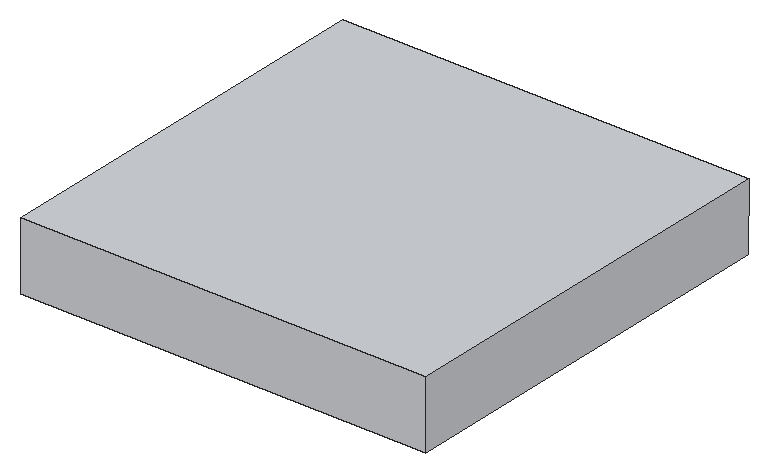
Revit family "0510234b68f841c1a3f4483688667c34", category Generic Models, Revit 2021
Family settings
  Can host rebar = No
  Round Connector Dimension = Use Diameter
  Part Type = Normal
  Work Plane-Based = No
  Always vertical = Yes
  Cut with Voids When Loaded = Yes
  Shared = No
  Room Calculation Point = No
Parameters (values of type "Default")
  Valid widths = "[18-21][25.5-28.5][32.75-35.75][40-43]"
  Default Elevation = 0' - 0"
  CNC Pattern Tag [instance] = ""
Reference planes (in)
  plane 1 "Center (Front/Back)": y = 0
  plane 2: z = 0
  plane 3 "Center (Left/Right)": x = 0
  plane 4 "Center": z = 3.93701
Forms (in)
  Extrusion 1, solid
    sketch origin (0.63091, 0, -3.81102) x (1, 0, 0) y (0, 0, 1)
      loop
        line (-0.63091, 3.81102) -> (47.24409, 3.81102) -> (47.24409, 11.81102) -> (-0.63091, 11.81102) -> (-0.63091, 3.81102)
    from 0 to 47.70285
Dimensions and locks (in)
  aligned and locked: level to plane 2
Nested families (in)
  nested 1: "Round void" at (5.5, 0, 8), type "HWC 5 5/8''"
    with Position from Top 0' - 4", Length of Instance 4' - 0"
  nested 2: "Round void" at (12.875, 0, 8), type "HWC 5 5/8''"
    with Position from Top 0' - 4", Length of Instance 4' - 0"
  nested 3: "Round void" at (20.25, 0, 8), type "HWC 5 5/8''"
    with Position from Top 0' - 4", Length of Instance 4' - 0"
  nested 4: "Round void" at (27.625, 0, 8), type "HWC 5 5/8''"
    with Position from Top 0' - 4", Length of Instance 4' - 0"
  nested 5: "Round void" at (35, 0, 8), type "HWC 5 5/8''"
    with Position from Top 0' - 4", Length of Instance 4' - 0"
  nested 6: "Round void" at (42.375, 0, 8), type "HWC 5 5/8''"
    with Position from Top 0' - 4", Length of Instance 4' - 0"
Definition of nested family "Round void"
  Parameters (values of type "HWC 5 5/8''")
    Radius = 0' - 2 13/16"
    Position from Top [instance] = 0' - 4"
    Length of Instance [instance] = 4' - 0"
    Is Hole = yes
    Default Elevation = -0' - 1 5/8"
  Reference planes (in)
    plane 1 "Center ( Front/Back)": y = 0
    plane 2 "Bottom": z = 0
    plane 3 "Center (Left/Right)": x = 0
    plane 4 "Left": x = 0
    plane 5: z = -4
  Forms (in)
    Extrusion 1, solid
      sketch origin (-3.14961, 0, 0) x (1, 0, 0) y (0, 1, 0)
        loop
          line (-48.0315, 25) -> (-48.0315, -48) -> (48, -48) -> (48, 25) -> (-48.0315, 25)
      from 0 to -8
    Extrusion 2, void
      sketch origin (-0.7874, 0, -0.09843) x (1, 0, 0) y (0, 0, 1)
        loop
          circle (0.7874, -3.90157) r 2.8125
      from 0 to 48 <- "Length of Instance"
  Dimensions and locks (in)
    "Position from Top": plane 5 to plane 2 "Bottom"
    "Radius": radius of Extrusion 2 sketch curve
    aligned and locked: plane 2 "Bottom" to Extrusion 1
    aligned and locked: level to Extrusion 1
    aligned and locked: plane 5 to Extrusion 2 sketch curve
    aligned and locked: plane 4 "Left" to Extrusion 2 sketch curve
  Automatic sketch dimensions
    Extrusion 1 sketch curve to Extrusion 1 sketch curve = 8' - 0.0315"
    Extrusion 1 sketch curve to Extrusion 1 sketch curve = 6' - 1"
